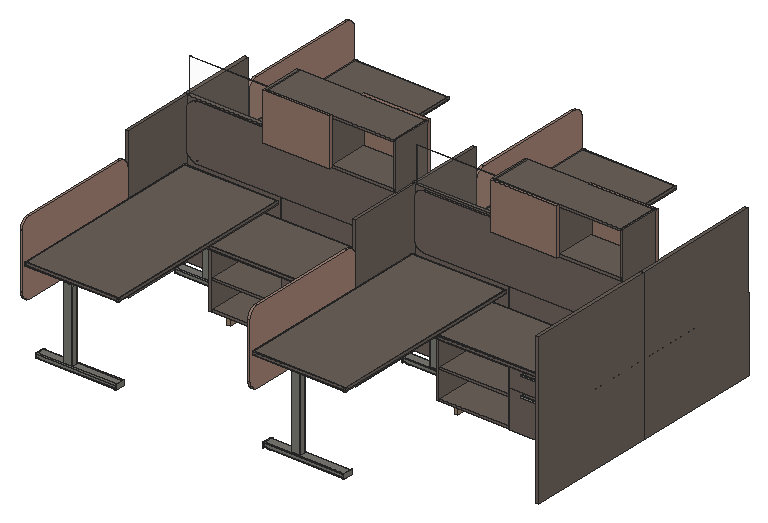
Revit family "T200207", category Furniture, Revit 2018 (continued)
Definition of nested family "STAKS WORKSURFACE EDGE MODESTY TFL WOOD GRAIN AND TFL SOLID COLORS Round Corners"
  Reference planes (in)
    plane 3 "LEFT": x = -28.5
    plane 4 "BASE TOP": z = 23.75
    plane 5 "RIGHT": x = -4.5
    plane 6: z = 0
    plane 7: y = 2.75035
    plane 8 "CENTER": x = -16.5
    plane 9: y = 2.00035
  Forms (in)
    Extrusion 1, solid, material <- "Panel Material"
      sketch origin (0, 2.37535, 0) x (1, 0, 0) y (0, 0, 1)
        loop
          arc (-25.5, 23.75) -> (-27.62132, 22.87132) -> (-28.5, 20.75) r 3
          line (-28.5, 20.75) -> (-28.5, 3)
          arc (-28.5, 3) -> (-27.62132, 0.87868) -> (-25.5, 0) r 3
          line (-25.5, 0) -> (-7.5, 0)
          arc (-7.5, 0) -> (-5.37868, 0.87868) -> (-4.5, 3) r 3
          line (-4.5, 3) -> (-4.5, 20.75)
          arc (-4.5, 20.75) -> (-5.37868, 22.87132) -> (-7.5, 23.75) r 3
          line (-7.5, 23.75) -> (-25.5, 23.75)
      from -0.375 to 0.375
  Dimensions and locks (in)
    "Height From Floor": plane 4 "BASE TOP" to plane 1
    "Height": plane 4 "BASE TOP" to plane 6
    equal spacing: plane 3 "LEFT", plane 8 "CENTER", plane 5 "RIGHT"
    equal spacing: plane 9, plane 2 "Center (Front/Back)", plane 7
    "Width": plane 3 "LEFT" to plane 5 "RIGHT"
    "Depth": plane 9 to plane 7
    aligned and locked: level to plane 1
    aligned and locked: Extrusion 1 sketch curve to plane 4 "BASE TOP"
    aligned and locked: plane 3 "LEFT" to Extrusion 1 sketch curve
    aligned and locked: Extrusion 1 sketch curve to plane 5 "RIGHT"
    aligned and locked: Extrusion 1 to plane 6
    aligned and locked: Extrusion 1 to plane 7
    aligned and locked: Extrusion 1 to plane 9
  Automatic sketch dimensions
    plane 3 "LEFT" to Extrusion 1 sketch curve = 0' - 3"  (x2)
    Extrusion 1 sketch curve to level = 0' - 0"
    Extrusion 1 sketch curve to plane 5 "RIGHT" = 0' - 3"  (x2)
Definition of nested family "STAKS BENCHING CANTILEVER WORKSURFACE BRACKET - OPEN"
  Parameters (values of type "STAKS CANTILEVER WORKSURFACE BRACKET - OPEN 36in")
    Width = 0' - 1 1/2"
    URL = "http://www.ofs.com/"
    Model = "OWSBKT36"
    Manufacturer = "OFS"
    Height From Floor = 2' - 3 7/8"
    Height = 0' - 7"
    Description = "OFS STAKS BENCHING CANTILEVER WORKSURFACE BRACKET - Open Cantilever Worksurface Bracket for 36\"W Top"
    Depth = 2' - 4"
    Copyright © = "© 2018 OFS"
    Catalog = "https://ofs.com/products/open-plan/benching/staks"
    Bracket Material = none
    Authoring Version = "Autodesk Revit Architecture 2013"
    Assembly Code = "E2020200"
    Alpha = 0' - 1"
  Types (4): name | URL | Model | Manufacturer | Description | Depth | Copyright © | Catalog | Alpha
    CANTILEVER WORKSURFACE BRACKET - OPEN 14in | "http://www.ofsbrands.com/" | "OWSBKT14" | "FIRST OFFICE" | "OFS BRANDS FIRST OFFICE STAKS BENCHING CANTILEVER WORKSURFACE BRACKET - Open Cantilever Worksurface Bracket for 14\"W Top" | 0' - 11" | "© 2018 OFS BRANDS" | "http://www.firstoffice.com/products/crossover/staks_benching/" | 0' - 0 1/2"
    CANTILEVER WORKSURFACE BRACKET - OPEN 22in | "http://www.ofsbrands.com/" | "OWSBKT22" | "FIRST OFFICE" | "OFS BRANDS FIRST OFFICE STAKS BENCHING CANTILEVER WORKSURFACE BRACKET - Open Cantilever Worksurface Bracket for 22\"W Top" | 1' - 4" | "© 2018 OFS BRANDS" | "http://www.firstoffice.com/products/crossover/staks_benching/" | 0' - 0 5/8"
    CANTILEVER WORKSURFACE BRACKET - OPEN 30in | "http://www.ofsbrands.com/" | "OWSBKT30" | "FIRST OFFICE" | "OFS BRANDS FIRST OFFICE STAKS BENCHING CANTILEVER WORKSURFACE BRACKET - Open Cantilever Worksurface Bracket for 30\"W Top" | 1' - 10" | "© 2018 OFS BRANDS" | "http://www.firstoffice.com/products/crossover/staks_benching/" | 0' - 0 7/8"
    STAKS CANTILEVER WORKSURFACE BRACKET - OPEN 36in | "http://www.ofs.com/" | "OWSBKT36" | "OFS" | "OFS STAKS BENCHING CANTILEVER WORKSURFACE BRACKET - Open Cantilever Worksurface Bracket for 36\"W Top" | 2' - 4" | "© 2018 OFS" | "https://ofs.com/products/open-plan/benching/staks" | 0' - 1"
  Reference planes (in)
    plane 1: z = 0
    plane 2 "Center (Front/Back)": y = -11.12465
    plane 3 "LEFT": x = -17.25
    plane 4 "BASE TOP": z = 27.875
    plane 5 "RIGHT": x = -15.75
    plane 6: z = 20.875
    plane 7: y = 2.87535
    plane 8 "CENTER": x = -16.5
    plane 9: y = -25.12465
    plane 10: z = 25.875
    plane 11: y = 0.87535
    plane 12: z = 21.375
    plane 13: y = -24.62465
    plane 14: x = -16.375
    plane 15: x = -16.625
    plane 16: y = -23.62465
  Forms (in)
    Extrusion 1, solid, material <- "Bracket Material"
      sketch origin (-16.5, 0, 0) x (0, 1, 0) y (0, 0, 1)
        loop
          line (-25.12465, 27.875) -> (-25.12465, 27.82031) -> (0.8527, 27.82031) -> (2.82066, 25.85235) -> (2.82066, 20.875) -> (2.87535, 20.875) -> (2.87535, 25.875) -> (0.87535, 27.875) -> (-25.12465, 27.875)
      from -0.75 to 0.75
    Extrusion 2, solid
      sketch origin (-16.5, 0, 0) x (0, 1, 0) y (0, 0, 1)
        loop
          line (2.82066, 21.375) -> (2.82066, 21.66876) -> (-23.62465, 27.82031) -> (-24.62465, 27.82031) -> (2.82066, 21.375)
      from -0.125 to 0.125
    Extrusion 3, void
      sketch origin (0, -11.12465, 0) x (1, 0, 0) y (0, 0, 1)
        loop
          circle (-16.99183, 23.37543) r 0.09375
        loop
          circle (-16.99183, 25.56923) r 0.09375
        loop
          circle (-16.99183, 21.18077) r 0.09375
        loop
          line (-16.10192, 24.58008) -> (-16.10192, 24.41381)
          arc (-16.10192, 24.41381) -> (-16.00817, 24.32006) -> (-15.91442, 24.41381) r 0.09375
          line (-15.91442, 24.41381) -> (-15.91442, 24.58008)
          arc (-15.91442, 24.58008) -> (-16.00817, 24.67383) -> (-16.10192, 24.58008) r 0.09375
        loop
          arc (-16.10192, 22.16992) -> (-16.00817, 22.07617) -> (-15.91442, 22.16992) r 0.09375
          line (-15.91442, 22.16992) -> (-15.91442, 22.33619)
          arc (-15.91442, 22.33619) -> (-16.00817, 22.42994) -> (-16.10192, 22.33619) r 0.09375
          line (-16.10192, 22.33619) -> (-16.10192, 22.16992)
      from -14 to -3.47735
    Extrusion 4, void
      sketch origin (0, 0, 0) x (1, 0, 0) y (0, 1, 0)
        loop
          circle (-16.93617, 0.25038) r 0.09375
        loop
          circle (-16.06383, -1.74962) r 0.09375
        loop
          circle (-16.93617, -3.74962) r 0.09375
        loop
          circle (-16.06383, -5.74962) r 0.09375
        loop
          circle (-16.93617, -7.74962) r 0.09375
        loop
          circle (-16.06383, -9.74962) r 0.09375
        loop
          circle (-16.93617, -11.74962) r 0.09375
        loop
          circle (-16.06383, -13.74962) r 0.09375
        loop
          circle (-16.93617, -15.74962) r 0.09375
        loop
          circle (-16.06383, -17.74962) r 0.09375
        loop
          circle (-16.93617, -19.74962) r 0.09375
        loop
          circle (-16.06383, -21.74962) r 0.09375
        loop
          circle (-16.93617, -23.74962) r 0.09375
        loop
          circle (-16.06383, -25.74962) r 0.09375
        loop
          circle (-16.93617, -27.74962) r 0.09375
        loop
          circle (-16.06383, -29.74962) r 0.09375
      from 25.0365 to 29.23009
    Extrusion 5, void, not visible
      sketch origin (0, 0, 0) x (1, 0, 0) y (0, 1, 0)
        loop
          circle (-16.93617, 0.25038) r 0.09375
        loop
          circle (-16.06383, -1.74962) r 0.09375
        loop
          circle (-16.93617, -3.74962) r 0.09375
        loop
          circle (-16.06383, -5.74962) r 0.09375
        loop
          circle (-16.93617, -7.74962) r 0.09375
        loop
          circle (-16.06383, -9.74962) r 0.09375
        loop
          circle (-16.93617, -11.74962) r 0.09375
        loop
          circle (-16.06383, -13.74962) r 0.09375
        loop
          circle (-16.93617, -15.74962) r 0.09375
        loop
          circle (-16.06383, -17.74962) r 0.09375
        loop
          circle (-16.93617, -19.74962) r 0.09375
        loop
          circle (-16.06383, -21.74962) r 0.09375
        loop
          circle (-16.93617, -23.74962) r 0.09375
        loop
          circle (-16.06383, -25.74962) r 0.09375
        loop
          circle (-16.93617, -27.74962) r 0.09375
        loop
          circle (-16.06383, -29.74962) r 0.09375
      from 25.0365 to 29.23009
  Cuts and joins
    Extrusion 3, Extrusion 4 cuts Extrusion 1
  Dimensions and locks (in)
    "Height From Floor": plane 4 "BASE TOP" to plane 1
    "Height": plane 4 "BASE TOP" to plane 6
    equal spacing: plane 3 "LEFT", plane 8 "CENTER", plane 5 "RIGHT"
    equal spacing: plane 9, plane 2 "Center (Front/Back)", plane 7
    "Width": plane 3 "LEFT" to plane 5 "RIGHT"
    "Depth": plane 9 to plane 7
    locked: plane 4 "BASE TOP" to plane 10 at 2
    locked: plane 7 to plane 11 at 2
    locked: plane 13 to plane 9 at 0.5
    locked: plane 6 to plane 12 at 0.5
    plane 14 to plane 8 "CENTER" to plane 15 = 0' - 0 1/8" locked, 0' - 0 1/8" locked
    "Alpha": plane 16 to plane 13
    aligned and locked: level to plane 1
    aligned and locked: Extrusion 1 sketch curve to plane 4 "BASE TOP"
    aligned and locked: plane 7 to Extrusion 1 sketch curve
    aligned and locked: plane 9 to Extrusion 1 sketch curve
    aligned and locked: plane 6 to Extrusion 1 sketch curve
    aligned and locked: Extrusion 1 to plane 3 "LEFT"
    aligned and locked: plane 5 "RIGHT" to Extrusion 1
    aligned and locked: Extrusion 2 sketch curve to Extrusion 1
    aligned and locked: plane 15 to Extrusion 2
    aligned and locked: plane 14 to Extrusion 2
    aligned and locked: Extrusion 1 to Extrusion 2 sketch curve
    aligned and locked: Extrusion 3 to plane 7
  Automatic sketch dimensions
    plane 7 to Extrusion 1 sketch curve = 0' - 0 7/128"
    Extrusion 1 sketch curve to plane 11 = 0' - 0"
    plane 10 to Extrusion 1 sketch curve = 0' - 0"
    plane 11 to Extrusion 1 sketch curve = 0' - 0.02265"
    plane 10 to Extrusion 1 sketch curve = 0' - 0.02265"
    plane 4 "BASE TOP" to Extrusion 1 sketch curve = 0' - 0 7/128"
    Extrusion 2 sketch curve to plane 13 = 0' - 0"
    plane 12 to Extrusion 2 sketch curve = 0' - 0"
    Extrusion 2 sketch curve to plane 16 = 0' - 0"
    Extrusion 2 sketch curve to Extrusion 2 sketch curve = 0' - 0.29376"
    plane 14 to Extrusion 3 sketch curve = 0' - 0.27308"
    Extrusion 3 sketch curve to plane 5 "RIGHT" = 0' - 0.16442"  (x2)
    Extrusion 3 sketch curve to plane 12 = 0' - 0.79492"
    Extrusion 3 sketch curve to Extrusion 3 sketch curve = 0' - 0 3/16"
    plane 3 "LEFT" to Extrusion 3 sketch curve = 0' - 0.25817"  (x3)
    Extrusion 3 sketch curve to Extrusion 3 sketch curve = 0' - 0.16626"  (x2)
    plane 10 to Extrusion 3 sketch curve = 0' - 1.46119"
    plane 12 to Extrusion 3 sketch curve = 0' - 0.19423"
    Extrusion 3 sketch curve to Extrusion 3 sketch curve = 0' - 1.03838"
    plane 10 to Extrusion 3 sketch curve = 0' - 0.30577"
    Extrusion 4 sketch curve to Extrusion 4 sketch curve = 0' - 2"  (x15)
    Extrusion 4 sketch curve to Extrusion 4 sketch curve = 0' - 0"  (x7)
    Extrusion 4 sketch curve to Extrusion 4 sketch curve = 0' - 0.87233"  (x8)
    Extrusion 5 sketch curve to Extrusion 5 sketch curve = 0' - 2"  (x15)
    Extrusion 5 sketch curve to Extrusion 5 sketch curve = 0' - 0"  (x7)
    Extrusion 5 sketch curve to Extrusion 5 sketch curve = 0' - 0.87233"  (x8)
    radius of Extrusion 3 sketch curve = 0' - 0 3/32"  (x3)
    radius of Extrusion 4 sketch curve = 0' - 0 3/32"  (x16)
    radius of Extrusion 5 sketch curve = 0' - 0 3/32"  (x16)
